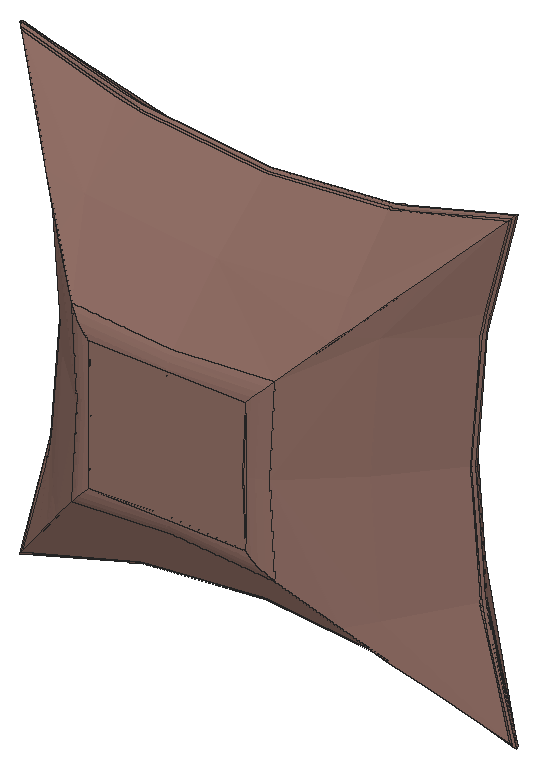
Revit family "revitupgrade", category Furniture, Revit 2025
Family settings
  OmniClass Number = 23.40.70.14.64.11
  OmniClass Title = Office Furniture
  Work Plane-Based = No
  Enable Cutting in Views = No
  Always vertical = Yes
  Cut with Voids When Loaded = No
  Render Appearance Source = Family Geometry
  Shared = No
  Room Calculation Point = No
Parameters (values of type "Scatter")
  URL = "https://www.steelcase.com/asia-en/products/lounge-chairs/sepal-lounge-chair/"
  Finish [instance] = Wendelbo - Fabric - Red Cover
  Style Number(s) = "WBOSEPSC"
  Release Date = "February 2023"  # constant formula
  Manufacturer = "Wendelbo"  # constant formula
  Description = "Sepal is family of products that share an aesthetic and functional DNA. "  # constant formula
  Default Elevation = 0.00 mm
  Copyright = "© 2010 Steelcase Inc."  # constant formula
  Assembly Code = "E2020200"
Reference planes
  plane 1 "Center Front/Back": y = 0
  plane 2 "Bottom": z = 0
  plane 3 "Center Left/Right": x = 0
Forms (mm)
  Sweep 1, solid, material "Wendelbo - Fabric - Red Cover" <- "Finish"
    path origin (0, 0, 0) x (1, 0, 0) y (0, 0, 1)
      loop
        arc (-195.915, 376.668) -> (-163.341, 188.334) -> (-195.915, 0) r 560.737
        arc (-195.915, 0) -> (0, 36.266) -> (195.915, 0) r 547.316
        arc (195.915, 0) -> (163.341, 188.334) -> (195.915, 376.668) r 560.737
        arc (195.915, 376.668) -> (0, 341.671) -> (-195.915, 376.668) r 565.881
    profile origin (0, 0, 341.671) x (0, 0, 1) y (0, -1, 0)
      loop
        arc (0, 0) -> (-0.496, 1.196) -> (-1.321, 2.196) r 4.381
        arc (-1.321, 2.196) -> (-1.891, 2.763) -> (-2.401, 3.384) r 8
        arc (-2.401, 3.384) -> (-42.227, 51.255) -> (-87.214, 94.312) r 549.363
        arc (-87.214, 94.312) -> (-94.797, 98.755) -> (-103.448, 100.3) r 25
        line (-103.448, 100.3) -> (-124.348, 100.3) -> (-124.348, -100.3) -> (-103.448, -100.3)
        arc (-103.448, -100.3) -> (-94.797, -98.755) -> (-87.214, -94.312) r 25
        arc (-87.214, -94.312) -> (-42.227, -51.255) -> (-2.401, -3.384) r 549.363
        arc (-2.401, -3.384) -> (-1.891, -2.763) -> (-1.321, -2.196) r 8
        arc (-1.321, -2.196) -> (-0.496, -1.196) -> (0, 0) r 4.381
  Extrusion 2, solid, material "Wendelbo - Fabric - Red Cover" <- "Finish"
    sketch origin (0, 0, 0) x (1, 0, 0) y (0, 0, 1)
      loop
        arc (-39.656, 218.463) -> (-38.993, 188.955) -> (-39.602, 159.446) r 685.085
        arc (-39.602, 159.446) -> (0, 160.614) -> (39.602, 159.446) r 671.665
        arc (39.602, 159.446) -> (38.993, 188.955) -> (39.656, 218.463) r 685.085
        arc (39.656, 218.463) -> (0, 217.323) -> (-39.656, 218.463) r 690.23
    from -100.3 to 100.3
Cuts and joins
  joined: Sweep 1, Extrusion 2
Lines and regions (mm)
  Masking region 1
    outline origin (0, 0, 0) x (1, 0, 0) y (0, 1, 0)
      loop
        arc (-80.037, 94.319) -> (-145.329, 56.193) -> (-195.916, 0) r 245.402
        arc (-195.916, 0) -> (-145.329, -56.193) -> (-80.037, -94.319) r 245.402
        arc (-80.037, -94.319) -> (-0.002, -109.456) -> (80.037, -94.319) r 219.152
        arc (80.037, -94.319) -> (145.329, -56.193) -> (195.916, 0) r 245.402
        arc (195.916, 0) -> (145.329, 56.193) -> (80.032, 94.319) r 245.402
        arc (80.032, 94.319) -> (-0.002, 109.456) -> (-80.037, 94.319) r 219.152
Dimensions and locks
  aligned and locked: level to plane 2 "Bottom"
